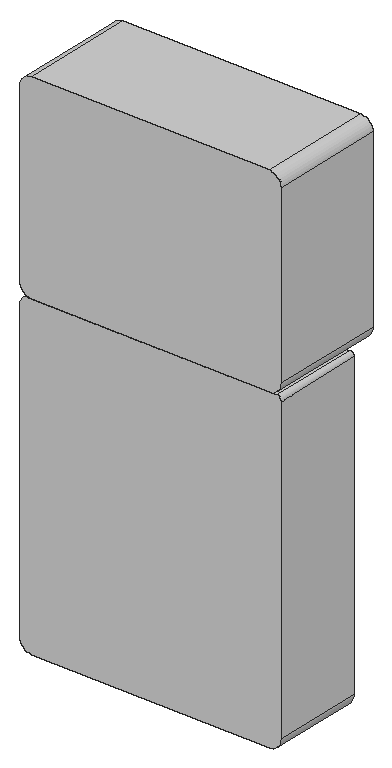
Revit family "Building-IEC309Boards-GEWISS-68QDIN-DISTRIBUTION-BOARD-10MOD_2SOCKET-OUTLETS_IB_ORIZ", category Attrezzatura elettrica, host Muro, Revit 2016
Family settings
  Host = Muro
  Configurazione quadro = Due colonne, circuiti in orizzontale
  Tipo di parte = Pannello comandi
  Quota connettore circolare = Usa diametro
  Numero OmniClass = 23.80.30.11.17
  Titolo OmniClass = Distribution Boards and Control Panels
  Sempre verticale = Sì
  Taglio con vuoti quando caricato = No
  Condiviso = No
  Punto di calcolo locali = No
Parameters (values of type "GW68019N - Q-DIN 10M 2 FLANGES S.O.BL.HOR.SBF IP65")
  Working temperature = "-25 ÷ +40 °C"
  Voltaggio = "400V"
  Vista di pianta [instance] = yes
  Vetro = GEWISS - vetro
  Version type = "Empty"
  Version file RFA = "18.0"
  URL = "https://www.gewiss.com/ww/en"
  Thermo-pressure with ball = "70 °C"
  Technical sheet = "https://www.gewiss.com/ww/en/search?q=GW68019N"
  Struttura = GEWISS - Grigio RAL - 7035
  Spessore = 96 mm
  Simbolo [instance] = yes
  Shock resistance = "IK08"
  SEO = "Board"
  Realized by GEWISS S.p.A. = ""
  Produttore = "GEWISS S.p.A."
  Presa = GEWISS - Grigio RAL - 7035
  Potenza = 400 V
  Operating temperature: = "-25 +40 °C"
  Offset etichetta nome quadro [instance] = 125 mm
  Numero poli = 3
  No. of provided blank lids = "1 IB 16/32A"
  No. of modules EN 50022 = "10"
  No. of blank lids supplied = "1 IB 16/32A"
  No. IB socket-outlets houseable = "2 IB Horiz. 16/32A SBF IP44 overlapping"
  Modello = "GW68019N"
  Insulation class = "II"
  Installation type = "Surface-mounting"
  Immagine tipo = GW68019N.jpg
  IP degree = "IP65"
  IFC.TypeObject = ""
  IFC.ExportType = ""
  IFC.ExportAs = ""
  IDT = "114d2dfb-0707-4ed9-bd87-27b65067bb37"
  IDF = "4cd11a54-188d-4bdf-afd2-27dfb55b6279"
  Houseable socket = "2 IB Horiz. 16/32A SBF IP44 overlapping"
  Houseable interloc. socket. = "2 IB Horiz. 16/32A SBF IP44 overlapping"
  Glow Wire Test = "650°C"
  GW – Nome quadro [instance] = "NOME"
  For socket-outlets = "SBF horizontal"
  Electrocod = "2242"
  ETICHETTA NOME QUADRO [instance] = yes
  EAN code = "8011564744875"
  Distanza orizzontale del simbolo [instance] = 0 mm
  Distanza dal muro [instance] = 0 mm
  Dispersible power B (W) = "42"
  Dispersible power A (W) = "16"
  Descrizione = "Q-DIN 10M 2 FLANGES S.O.BL.HOR.SBF IP65"
  Cornice simbolo [instance] = no
  Colour = "Grey RAL 7035"
  Classificazione carico = Altro
  Catalogue Range = "68 QDIN"
  Catalogue = "BUILDING"
  Carico apparente = 0 VA
  COBie.Tagnumber = ""
  COBie.CreatedOn = ""
  COBie.CreatebBy = ""
  COBie.ComponentRegisterItemID = ""
  COBie.Component.TagNumber = ""
  COBie.Component.Space = ""
  COBie.Component.SerialNumber = ""
  COBie.Component.InstallationDate = ""
  COBie.Component.Description = ""
  COBie.Component.BarCode = ""
  Altezza da terra = 589.057 mm
  Accordance with Standards = "EN 60208 - EN 60670-1 - IEC 60670-24"
Reference planes
  plane 1 "Muro": y = 0
  plane 2 "Centro (Sinistra/Destra)": x = 125
  plane 3 "Indietro": y = 75
  plane 4: z = 589.057
  plane 5: x = -205.386
  plane 6: y = 200
  plane 7: x = 125
  plane 8: y = 200
Lines and regions (mm)
  Masking region 1, visible <- "Vista di pianta"
    outline origin (0, 0, 0) x (1, 0, 0) y (0, 1, 0)
      loop
        line (234.95, 175) -> (15.05, 175) -> (15.05, 75) -> (234.95, 75) -> (234.95, 175)
  Masking region 2
    outline origin (125, 0, 2.786) x (0, 1, 0) y (0, 0, 1)
      loop
        line (155.196, 155.057) -> (155.196, 422.057) -> (75, 422.057) -> (75, 155.057) -> (155.196, 155.057)
  Masking region 3
    outline origin (125, 0, 2.786) x (0, 1, 0) y (0, 0, 1)
      loop
        line (175, 589.057) -> (75, 589.057) -> (75, 422.057) -> (175, 422.057) -> (175, 589.057)
  Masking region 4
    outline origin (125, 0, 0) x (0, 1, 0) y (0, 0, 1)
      loop
        line (162.126, 176.868) -> (162.126, 290.868) -> (155.196, 290.868) -> (155.196, 176.868) -> (162.126, 176.868)
      loop
        line (155.196, 292.814) -> (162.126, 292.814) -> (162.126, 406.814) -> (155.196, 406.814) -> (155.196, 292.814)
Text (mm)
  text "Lato posizionamento" at (-1848.837, 1116.779, 0), in view "Livello rif."
  text "Lato posizionamento" at (0, 1409.804, 2854.306), in view "Sinistra"
  text "Lato posizionamento" at (0, 499.811, 2980.732), in view "Destra"
Dimensions and locks
  locked: plane 3 "Indietro" to host wall
  "Altezza da terra": level to plane 4
  "Distanza orizzontale del simbolo": plane 7 to plane 2 "Centro (Sinistra/Destra)"
  "Offset etichetta nome quadro": plane 8 to host wall
  aligned and locked: plane 1 "Muro" to host wall
  aligned and locked: plane 4 to nested 1
  aligned and locked: nested 3 to plane 6
  aligned and locked: plane 6 to plane 8
  aligned and locked: plane 7 to nested 2
  aligned and locked: plane 3 "Indietro" to nested 1
  aligned and locked: nested 1 to plane 3 "Indietro"
  aligned and locked: nested 4 to plane 4
  aligned and locked: plane 2 "Centro (Sinistra/Destra)" to nested 4
Automatic sketch dimensions
  Masking region 1 sketch curve to host wall = 0 mm
  Masking region 1 sketch curve to plane 2 "Centro (Sinistra/Destra)" = 109.95 mm
  plane 2 "Centro (Sinistra/Destra)" to Masking region 1 sketch curve = 109.95 mm
  Masking region 1 sketch curve to Masking region 1 sketch curve = 100 mm
  Masking region 2 sketch curve to host wall = 0 mm
  host wall to Masking region 2 sketch curve = 80.196 mm
  level to Masking region 2 sketch curve = 157.843 mm
  Masking region 2 sketch curve to plane 4 = 164.214 mm
  Masking region 3 sketch curve to host wall = 0 mm
  Masking region 3 sketch curve to Masking region 3 sketch curve = 100 mm
  Masking region 3 sketch curve to plane 4 = 164.214 mm
  plane 4 to Masking region 3 sketch curve = 2.786 mm
  host wall to Masking region 4 sketch curve = 80.196 mm  (x2)
  Masking region 4 sketch curve to Masking region 4 sketch curve = 6.93 mm  (x2)
  level to Masking region 4 sketch curve = 176.868 mm
  Masking region 4 sketch curve to Masking region 4 sketch curve = 114 mm  (x2)
  Masking region 4 sketch curve to Masking region 4 sketch curve = 1.946 mm
Nested families
  nested 1: "QDIN5 QUADRO  2 PRESE IND" at (125, 75, -432.826) x (-1, 0, 0) z (0, 0, 1), type "QDIN5 QUADRO  2 PRESE IND"
  nested 2: "CENTRALINO" at (125, 94.992, 0), Distanza dal muro <- "Distanza dal muro", BORDO ACCESO <- "Cornice simbolo", SIMBOLO ACCESO <- "Simbolo", type "CENTRALINO"
    with SIMBOLO ACCESO yes, Distanza dal muro 0 mm, BORDO ACCESO no
  nested 3: "NOME QUADRO" at (125, 200, 0), TXT <- "GW – Nome quadro", visible <- "ETICHETTA NOME QUADRO", type "NOME QUADRO"
    with TXT "NOME"
  nested 4: "2D - QDIN10 X2 IND ORIZZ" at (125, 0, 154.057) x (-1, 0, 0) z (0, -1, 0), type "BIDIMENSIONALE"
Connectors
  electrical at (125, 113.098, 154.057), driven by "Numero poli", driven by "Classificazione carico", driven by "Potenza", driven by "Carico apparente"
    settings: on nested 1, index 1, voltage 400 V, apparent load 0 VA, apparent load phase1 0 VA, apparent load phase2 0 VA, apparent load phase3 0 VA, power factor 1, load classification "Altro", number of poles 3, system type 31, power factor state 1, is connector primary yes, connector utility no, sub classification motor no, connector description ""
Definition of nested family "QDIN5 QUADRO  2 PRESE IND"
  Parameters (values of type "QDIN5 QUADRO  2 PRESE IND")
    h1 = 114 mm
    Vetro = none
    Struttura = none
    Spessore = 96 mm
    Default Elevation = 14 mm
    Presa = none
    Lunghezza = 220 mm
    IFC.TypeObject = ""
    IFC.ExportType = ""
    IFC.ExportAs = ""
    H_da terra = 586.883 mm
    COBie.CreatedOn = ""
    COBie.CreatebBy = ""
    COBie.ComponentRegisterItemID = ""
    COBie.Component.TagNumber = ""
    COBie.Component.Space = ""
    COBie.Component.SerialNumber = ""
    COBie.Component.InstallationDate = ""
    COBie.Component.Description = ""
    COBie.Component.BarCode = ""
    Altezza scatole = 268 mm
    Altezza quadro = 167 mm
    Altezza = 258 mm
  Reference planes
    plane 1 "Centro (Fronte/Retro)": y = 0
    plane 2: z = 0
    plane 3 "Centro (Sinistra/Destra)": x = 0
    plane 4 "s": y = -96
    plane 5: z = 586.883
    plane 6: z = 1021.883
    plane 7: x = -110
    plane 8: x = 110
    plane 9: z = 854.883
    plane 10: y = -76.196
    plane 11: x = 95.006
    plane 12: x = -95.006
    plane 13: x = -107.597
    plane 14: x = 107.589
    plane 15: z = 864.383
    plane 16: z = 983.347
    plane 17: y = -42.089
    plane 18: y = -83.126
    plane 19: z = 719.907
    plane 20: z = 605.907
    plane 21: z = 701.853
    plane 22: z = 815.853
  Forms (mm)
    Extrusion 1, solid, material <- "Struttura"
      sketch origin (0, 0, 0) x (1, 0, 0) y (0, 0, 1)
        loop
          arc (-100, 1021.883) -> (-107.071, 1018.954) -> (-110, 1011.883) r 10
          line (-110, 1011.883) -> (-110, 864.883)
          arc (-110, 864.883) -> (-107.071, 857.812) -> (-100, 854.883) r 10
          line (-100, 854.883) -> (100, 854.883)
          arc (100, 854.883) -> (107.071, 857.812) -> (110, 864.883) r 10
          line (110, 864.883) -> (110, 1011.883)
          arc (110, 1011.883) -> (107.071, 1018.954) -> (100, 1021.883) r 10
          line (100, 1021.883) -> (-100, 1021.883)
      from 0 to 96
    Extrusion 2, solid, material <- "Struttura"
      sketch origin (0, 0, 0) x (1, 0, 0) y (0, 0, 1)
        loop
          line (102.45, 854.883) -> (-106.38, 854.883)
          arc (-106.38, 854.883) -> (-108.94, 853.823) -> (-110, 851.263) r 3.62
          line (-110, 851.263) -> (-110, 596.883)
          arc (-110, 596.883) -> (-107.071, 589.812) -> (-100, 586.883) r 10
          line (-100, 586.883) -> (100, 586.883)
          arc (100, 586.883) -> (107.071, 589.812) -> (110, 596.883) r 10
          line (110, 596.883) -> (110, 847.333)
          arc (110, 847.333) -> (107.789, 852.672) -> (102.45, 854.883) r 7.55
      from 0 to 76.196
    Extrusion 3, void
      sketch origin (0, 0, 0) x (1, 0, 0) y (0, 0, 1)
        loop
          line (-107.597, 983.347) -> (-107.597, 864.383) -> (107.589, 864.383) -> (107.589, 983.347) -> (-107.597, 983.347)
      from 42.089 to 96
    Extrusion 4, solid, material <- "Vetro", detail levels fine
      sketch origin (0, 0, 0) x (1, 0, 0) y (0, 0, 1)
        loop
          line (-107.597, 983.347) -> (-107.597, 864.383) -> (107.589, 864.383) -> (107.589, 983.347) -> (-107.597, 983.347)
      from 83.126 to 96
    Extrusion 5, solid, material <- "Presa", detail levels fine
      sketch origin (2.5, 0, 30) x (1, 0, 0) y (0, 0, 1)
        loop
          line (-82.494, 815.853) -> (-82.494, 709.353) -> (78.269, 709.353) -> (78.269, 815.853) -> (-82.494, 815.853)
      from 76.196 to 83.126
    Extrusion 6, solid, material <- "Presa", detail levels fine
      sketch origin (0, 0, -130) x (1, 0, 0) y (0, 0, 1)
        loop
          line (-79.994, 850.44) -> (-79.994, 740.907) -> (80.769, 740.907) -> (80.769, 850.44) -> (-79.994, 850.44)
      from 76.2 to 83.1
  Cuts and joins
    Extrusion 3 cuts Extrusion 1
  Dimensions and locks
    "Spessore": plane 4 "s" to plane 1 "Centro (Fronte/Retro)"
    "H_da terra": plane 5 to level
    equal spacing: plane 7, plane 3 "Centro (Sinistra/Destra)", plane 8
    "Lunghezza": plane 7 to plane 8
    "Altezza quadro": plane 6 to plane 9
    "Altezza scatole": plane 9 to plane 5
    plane 4 "s" to plane 1 "Centro (Fronte/Retro)" = 96 mm
    locked: plane 4 "s" to plane 10 at 19.804
    locked: plane 11 to plane 8 at 14.994
    locked: plane 12 to plane 7 at 14.994
    locked: plane 6 to plane 16 at 38.537
    locked: plane 15 to plane 9 at 9.5
    locked: plane 7 to plane 13 at 2.403
    locked: plane 14 to plane 8 at 2.411
    locked: plane 4 "s" to plane 17 at 53.911
    locked: plane 4 "s" to plane 18 at 12.874
    plane 9 to plane 22 = 39.03 mm
    plane 6 to plane 5 = 435 mm
    plane 7 to plane 8 = 220 mm
    "h1": plane 19 to plane 20
    "h1": plane 22 to plane 21
    locked: plane 20 to plane 5 at 19.024
    aligned and locked: level to plane 2
    aligned and locked: Extrusion 1 sketch curve to plane 6
    aligned and locked: Extrusion 1 sketch curve to plane 8
    aligned and locked: Extrusion 1 sketch curve to plane 7
    aligned and locked: plane 9 to Extrusion 1 sketch curve
    aligned and locked: Extrusion 1 to plane 4 "s"
    aligned and locked: Extrusion 2 sketch curve to plane 9
    aligned and locked: Extrusion 2 sketch curve to plane 8
    aligned and locked: Extrusion 2 sketch curve to plane 7
    aligned and locked: Extrusion 2 sketch curve to plane 5
    aligned and locked: Extrusion 2 to plane 10
    aligned and locked: Extrusion 3 sketch curve to plane 16
    aligned and locked: Extrusion 3 sketch curve to plane 14
    aligned and locked: Extrusion 3 sketch curve to plane 13
    aligned and locked: Extrusion 3 sketch curve to plane 15
    aligned and locked: plane 17 to cut or joined group of Extrusion 1, Extrusion 3
    aligned and locked: Extrusion 3 to plane 4 "s"
    aligned and locked: Extrusion 4 sketch curve to plane 16
    aligned and locked: Extrusion 4 sketch curve to plane 14
    aligned and locked: Extrusion 4 sketch curve to plane 15
    aligned and locked: Extrusion 4 sketch curve to plane 13
    aligned and locked: Extrusion 4 to plane 4 "s"
    aligned and locked: plane 18 to Extrusion 4
    aligned and locked: Extrusion 5 to Extrusion 2
    aligned and locked: Extrusion 4 to Extrusion 5
  Automatic sketch dimensions
    Extrusion 1 sketch curve to plane 15 = 0.5 mm
    Extrusion 1 sketch curve to plane 12 = 4.994 mm
    plane 11 to Extrusion 1 sketch curve = 4.994 mm  (x2)
    Extrusion 2 sketch curve to plane 13 = 1.217 mm
    Extrusion 2 sketch curve to plane 12 = 4.994 mm
    plane 14 to Extrusion 2 sketch curve = 5.139 mm
    plane 11 to Extrusion 2 sketch curve = 4.994 mm
    Extrusion 5 sketch curve to plane 21 = 37.5 mm
    Extrusion 5 sketch curve to plane 22 = 30 mm
    plane 12 to Extrusion 6 sketch curve = 15.012 mm
    Extrusion 6 sketch curve to plane 11 = 14.237 mm
    Extrusion 6 sketch curve to plane 20 = 5 mm
    Extrusion 6 sketch curve to plane 19 = 0.533 mm
    plane 12 to Extrusion 5 sketch curve = 15.012 mm
    Extrusion 5 sketch curve to plane 11 = 14.237 mm
Definition of nested family "CENTRALINO"
  Parameters (values of type "CENTRALINO")
    SIMBOLO ACCESO [instance] = yes
    Distanza dal muro [instance] = 0 mm
    BORDO ACCESO [instance] = yes
  Reference planes
    plane 1: y = 0
    plane 2: x = 0
  Dimensions and locks
    "Distanza dal muro": plane 1 to nested 1
    aligned and locked: plane 2 to nested 1
  Nested families
    nested 1: "CENTRALINO_BASE" at (0, 0, 0), BORDO ACCESO <- "BORDO ACCESO", visible <- "SIMBOLO ACCESO", type "CENTRALINO"
      with BORDO ACCESO yes
  Definition of nested family "CENTRALINO_BASE"
    Parameters (values of type "CENTRALINO")
      Distanza dal muro = 0 mm
      BORDO ACCESO [instance] = yes
    Reference planes
      plane 1: y = 0
      plane 2: x = 0
    Lines and regions (mm)
      detail lines, visible <- "BORDO ACCESO", not visible
        curve 1: line (-2.443, 10.208, 0) -> (2.057, 10.208, 0)
        curve 2: line (2.057, 10.208, 0) -> (2.057, 4.208, 0)
        curve 3: line (2.057, 4.208, 0) -> (-2.443, 4.208, 0)
        curve 4: line (-2.443, 4.208, 0) -> (-2.443, 10.208, 0)
        curve 5: line (-2.043, 9.808, 0) -> (1.657, 9.808, 0)
        curve 6: line (1.657, 9.808, 0) -> (1.657, 4.608, 0)
        curve 7: line (1.657, 4.608, 0) -> (-2.043, 4.608, 0)
        curve 8: line (-2.043, 4.608, 0) -> (-2.043, 9.808, 0)
      detail lines
        curve 9: line (0, 0.905, 0) -> (0, 0.235, 0)
        curve 10: line (0.659, 0.905, 0) -> (0.659, 1.564, 0)
        curve 11: line (0.659, 1.564, 0) -> (-0.659, 1.564, 0)
        curve 12: line (-0.659, 1.564, 0) -> (-0.659, 0.905, 0)
        curve 13: line (-0.659, 0.905, 0) -> (0.659, 0.905, 0)
        curve 14: line (0.497, 1.564, 0) -> (0.497, 2.235, 0)
        curve 15: line (0.167, 1.564, 0) -> (0.167, 2.235, 0)
        curve 16: line (-0.162, 1.564, 0) -> (-0.162, 2.235, 0)
        curve 17: line (-0.491, 1.564, 0) -> (-0.491, 2.235, 0)
Definition of nested family "NOME QUADRO"
  Parameters (values of type "NOME QUADRO")
    TXT [instance] = ""
  Reference planes
    plane 1: y = 0
    plane 2: x = 0
  Text (mm)
    label "NOME QUADRO" at (0.217, 0.029, 0), shows "TXT"
Definition of nested family "2D - QDIN10 X2 IND ORIZZ"
  Reference planes
    plane 1 "Centro (Fronte/Retro)": y = 0
    plane 2: z = 0
    plane 3 "Centro (Sinistra/Destra)": x = 0
  Lines and regions (mm)
    model lines, in view "Livello rif."
      curve 1: arc (110, 420, 0) -> (105.607, 430.607, 0) -> (95, 435, 0) r 15
      curve 2: arc (-95, 435, 0) -> (-105.607, 430.607, 0) -> (-110, 420, 0) r 15
      curve 3: arc (-110, 15, 0) -> (-109.767, 12.364, 0) -> (-109.073, 9.81, 0) r 15
      curve 4: arc (109.073, 9.81, 0) -> (109.767, 12.364, 0) -> (110, 15, 0) r 15
      curve 5: arc (95, 0, 0) -> (103.577, 2.694, 0) -> (109.073, 9.81, 0) r 15
      curve 6: arc (-109.073, 9.81, 0) -> (-103.577, 2.694, 0) -> (-95, 0, 0) r 15
      curve 7: line (110, 420, 0) -> (110, 414.81, 0)
      curve 8: line (109.945, 414.844, 0) -> (109.945, 252.844, 0)
      curve 9: line (109.945, 252.844, 0) -> (109.945, 20.156, 0)
      curve 10: line (110, 20.19, 0) -> (110, 15, 0)
      curve 11: line (-95, 435, 0) -> (95, 435, 0)
      curve 12: line (95, 435, 0) -> (-95, 435, 0)
      curve 13: line (-110, 15, 0) -> (-110, 420, 0)
      curve 14: line (-95, 0, 0) -> (95, 0, 0)
      curve 15: line (-94.702, 0, 0) -> (94.702, 0, 0)
      curve 16: arc (-77.497, 30.152, 0) -> (-75.41, 25.115, 0) -> (-70.373, 23.029, 0) r 7.123
      curve 17: circle (-70.373, 30.152, 0) r 2.588 normal (0, 0, 1)
      curve 18: arc (-70.373, 137.968, 0) -> (-75.41, 135.881, 0) -> (-77.497, 130.844, 0) r 7.123
      curve 19: circle (-70.373, 130.844, 0) r 2.588 normal (0, 0, 1)
      curve 20: line (-70.373, 23.029, 0) -> (70.389, 23.029, 0)
      curve 21: line (70.389, 137.968, 0) -> (-70.373, 137.968, 0)
      curve 22: line (-77.497, 30.152, 0) -> (-77.497, 130.844, 0)
      curve 23: line (77.512, 30.152, 0) -> (77.512, 130.844, 0)
      curve 24: circle (70.389, 30.152, 0) r 2.588 normal (0, 0, 1)
      curve 25: arc (70.389, 23.029, 0) -> (75.425, 25.115, 0) -> (77.512, 30.152, 0) r 7.123
      curve 26: circle (70.389, 130.844, 0) r 2.588 normal (0, 0, 1)
      curve 27: arc (77.512, 130.844, 0) -> (75.425, 135.881, 0) -> (70.389, 137.968, 0) r 7.123
      curve 28: arc (-77.504, 152.324, 0) -> (-75.418, 147.287, 0) -> (-70.381, 145.201, 0) r 7.123
      curve 29: circle (-70.381, 152.324, 0) r 2.588 normal (0, 0, 1)
      curve 30: arc (-70.381, 260.139, 0) -> (-75.418, 258.053, 0) -> (-77.504, 253.016, 0) r 7.123
      curve 31: circle (-70.381, 253.016, 0) r 2.588 normal (0, 0, 1)
      curve 32: line (-70.381, 145.201, 0) -> (70.381, 145.201, 0)
      curve 33: line (70.381, 260.139, 0) -> (-70.381, 260.139, 0)
      curve 34: line (-77.504, 152.324, 0) -> (-77.504, 253.016, 0)
      curve 35: line (77.504, 152.324, 0) -> (77.504, 253.016, 0)
      curve 36: circle (70.381, 152.324, 0) r 2.588 normal (0, 0, 1)
      curve 37: arc (70.381, 145.201, 0) -> (75.418, 147.287, 0) -> (77.504, 152.324, 0) r 7.123
      curve 38: circle (70.381, 253.016, 0) r 2.588 normal (0, 0, 1)
      curve 39: arc (77.504, 253.016, 0) -> (75.418, 258.053, 0) -> (70.381, 260.139, 0) r 7.123
    detail lines, in view "Livello rif."
      curve 40: line (102.291, 272.167, 0) -> (102.153, 271.436, 0)
      curve 41: line (102.153, 271.436, 0) -> (101.706, 270.752, 0)
      curve 42: line (101.706, 270.752, 0) -> (101.208, 270.389, 0)
      curve 43: line (101.208, 270.389, 0) -> (100.29, 270.168, 0)
      curve 44: line (100.29, 270.168, 0) -> (-100.29, 270.168, 0)
      curve 45: line (-100.29, 270.168, 0) -> (-101.208, 270.389, 0)
      curve 46: line (-101.208, 270.389, 0) -> (-101.706, 270.752, 0)
      curve 47: line (-101.706, 270.752, 0) -> (-102.153, 271.436, 0)
      curve 48: line (-102.153, 271.436, 0) -> (-102.291, 272.167, 0)
      curve 49: line (-102.291, 272.167, 0) -> (-102.291, 385.799, 0)
      curve 50: line (-102.291, 385.799, 0) -> (-102.153, 386.53, 0)
      curve 51: line (-102.153, 386.53, 0) -> (-101.706, 387.214, 0)
      curve 52: line (-101.706, 387.214, 0) -> (-101.208, 387.577, 0)
      curve 53: line (-101.208, 387.577, 0) -> (-100.291, 387.799, 0)
      curve 54: line (-100.291, 387.799, 0) -> (100.291, 387.799, 0)
      curve 55: line (100.291, 387.799, 0) -> (101.208, 387.577, 0)
      curve 56: line (101.208, 387.577, 0) -> (101.706, 387.214, 0)
      curve 57: line (101.706, 387.214, 0) -> (102.153, 386.53, 0)
      curve 58: line (102.153, 386.53, 0) -> (102.291, 385.799, 0)
      curve 59: line (-90, 362.5, 0) -> (90, 362.5, 0)
      curve 60: line (90, 362.5, 0) -> (90, 317.5, 0)
      curve 61: line (90, 317.5, 0) -> (-90, 317.5, 0)
      curve 62: line (-90, 317.5, 0) -> (-90, 362.5, 0)
      curve 63: line (-102.291, 294.334, 0) -> (102.291, 294.334, 0)
      curve 64: line (102.291, 385.799, 0) -> (102.291, 272.167, 0)
      curve 65: line (22.866, 283.964, 0) -> (9.776, 283.964, 0)
      curve 66: line (34.911, 290.746, 0) -> (36.453, 290.746, 0)
      curve 67: line (36.453, 290.746, 0) -> (36.736, 290.578, 0)
      curve 68: line (36.736, 290.578, 0) -> (34.548, 288.056, 0)
      curve 69: line (34.548, 288.056, 0) -> (31.168, 285.857, 0)
      curve 70: line (31.168, 285.857, 0) -> (28.166, 284.655, 0)
      curve 71: line (28.166, 284.655, 0) -> (25.591, 284.129, 0)
      curve 72: line (25.591, 284.129, 0) -> (22.866, 283.964, 0)
      curve 73: line (-34.548, 288.056, 0) -> (-31.168, 285.857, 0)
      curve 74: line (-31.168, 285.857, 0) -> (-28.166, 284.655, 0)
      curve 75: line (-28.166, 284.655, 0) -> (-25.591, 284.129, 0)
      curve 76: line (-25.591, 284.129, 0) -> (-22.866, 283.964, 0)
      curve 77: line (-22.866, 283.964, 0) -> (-9.776, 283.964, 0)
      curve 78: line (-34.911, 290.746, 0) -> (-36.453, 290.746, 0)
      curve 79: line (-36.453, 290.746, 0) -> (-36.736, 290.578, 0)
      curve 80: line (-36.736, 290.578, 0) -> (-34.548, 288.056, 0)
      curve 81: line (-34.911, 290.746, 0) -> (-35.366, 292.186, 0)
      curve 82: line (-35.366, 292.186, 0) -> (-35.366, 294.334, 0)
      curve 83: line (-35.366, 294.334, 0) -> (-35.366, 296.591, 0)
      curve 84: line (-35.366, 296.591, 0) -> (-34.165, 298.364, 0)
      curve 85: line (-34.165, 298.364, 0) -> (-32.353, 299.64, 0)
      curve 86: line (-32.353, 299.64, 0) -> (-29.596, 301.03, 0)
      curve 87: line (-29.596, 301.03, 0) -> (-26.704, 301.917, 0)
      curve 88: line (-26.704, 301.917, 0) -> (-24.338, 302.269, 0)
      curve 89: line (-24.338, 302.269, 0) -> (-22.866, 302.329, 0)
      curve 90: line (-22.866, 302.329, 0) -> (22.866, 302.329, 0)
      curve 91: line (22.866, 302.329, 0) -> (24.338, 302.269, 0)
      curve 92: line (24.338, 302.269, 0) -> (26.704, 301.917, 0)
      curve 93: line (26.704, 301.917, 0) -> (29.596, 301.03, 0)
      curve 94: line (29.596, 301.03, 0) -> (32.353, 299.64, 0)
      curve 95: line (32.353, 299.64, 0) -> (34.165, 298.364, 0)
      curve 96: line (34.165, 298.364, 0) -> (35.366, 296.591, 0)
      curve 97: line (35.366, 296.591, 0) -> (35.366, 294.334, 0)
      curve 98: line (35.366, 294.334, 0) -> (35.366, 292.186, 0)
      curve 99: line (35.366, 292.186, 0) -> (34.911, 290.746, 0)
      curve 100: line (0.01, 273.656, 0) -> (-4.782, 274.94, 0)
      curve 101: line (-4.782, 274.94, 0) -> (-8.289, 278.447, 0)
      curve 102: line (-8.289, 278.447, 0) -> (-9.573, 283.239, 0)
      curve 103: line (-9.573, 283.239, 0) -> (-8.289, 288.031, 0)
      curve 104: line (-8.289, 288.031, 0) -> (-4.782, 291.538, 0)
      curve 105: line (-4.782, 291.538, 0) -> (0.01, 292.822, 0)
      curve 106: line (0.01, 292.822, 0) -> (4.802, 291.538, 0)
      curve 107: line (4.802, 291.538, 0) -> (8.309, 288.031, 0)
      curve 108: line (8.309, 288.031, 0) -> (9.593, 283.239, 0)
      curve 109: line (9.593, 283.239, 0) -> (8.309, 278.447, 0)
      curve 110: line (8.309, 278.447, 0) -> (4.802, 274.94, 0)
      curve 111: line (4.802, 274.94, 0) -> (0.01, 273.656, 0)
